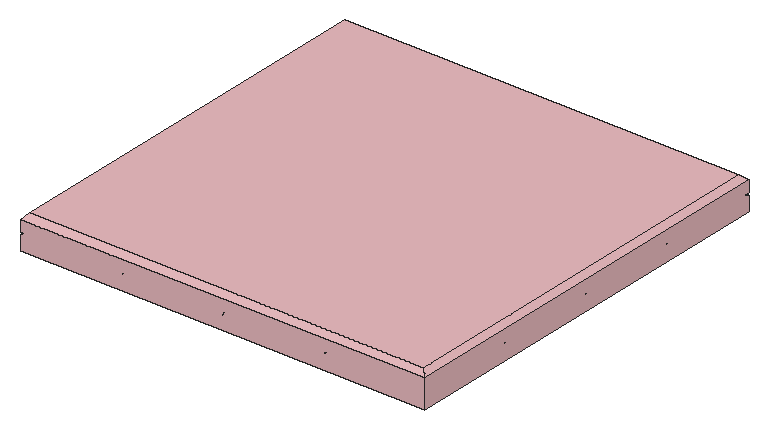
Revit family "UPHILL 2ft x 2ft", category Specialty Equipment, Revit 2023
Family settings
  Round Connector Dimension = Use Diameter
  Part Type = Normal
  OmniClass Number = 23.35.00.00
  OmniClass Title = Covering, Cladding, and Finishes
  Work Plane-Based = Yes
  Enable Cutting in Views = Yes
  Always vertical = No
  Cut with Voids When Loaded = No
  Maintain Annotation Orientation = No
  Shared = No
  Room Calculation Point = No
Parameters (values of type "2 INCH THICK - CUSTOM PAINTED - STANDARD")
  URL = "https://www.acousticalsurfaces.com/envirocoustic-wood-wool/designs/"
  Type Comments = "Acoustic panels for vertical and horizontal surfaces"
  Thickness = 0' - 2"
  Recycled Content Percentage = "0%"
  Model = "Envirocoustic Wood Wool"
  Material = "Envirocoustic Wood Wool"
  Manufacturer = "Acoustical Surfaces, Inc."
  Fire Rating = "ASTM E84 - Class A"
  Finish = Paint - Acoustical-Surfaces - Custom Painted
  Description = "Acoustic Panels"
  Default Elevation = 0' - 0"
  Backer Thickness = 0' - 1"
  Backer = no
  Assembly Code = "C30"
  Acoustics - NRC = "Sound absorption varies from NRC 0.45 to 0.95 based on installation method used when tested per ASTM C423."
Types (27): name | Thickness | Finish | Backer Thickness | Backer
  2 INCH THICK - CUSTOM PAINTED - STANDARD | 0' - 2" | Paint - Acoustical-Surfaces - Custom Painted | 0' - 1" | no
  2 INCH THICK - PRIMED WHITE - STANDARD | 0' - 2" | Paint - Acoustical-Surfaces - Primed White | 0' - 1" | no
  2 INCH THICK - PRIMED CLEAR - STANDARD | 0' - 2" | Paint - Acoustical-Surfaces - Primed Clear | 0' - 1" | no
  2 INCH THICK - PRIMED WHITE - 2 INCH CFAB BACKER | 0' - 2" | Paint - Acoustical-Surfaces - Primed White | 0' - 2" | yes
  2 INCH THICK - PRIMED WHITE - 1 INCH CFAB BACKER | 0' - 2" | Paint - Acoustical-Surfaces - Primed White | 0' - 1" | yes
  2 INCH THICK - PRIMED CLEAR - 2 INCH CFAB BACKER | 0' - 2" | Paint - Acoustical-Surfaces - Primed Clear | 0' - 2" | yes
  2 INCH THICK - PRIMED CLEAR - 1 INCH CFAB BACKER | 0' - 2" | Paint - Acoustical-Surfaces - Primed Clear | 0' - 1" | yes
  2 INCH THICK - CUSTOM PAINTED - 2 INCH CFAB BACKER | 0' - 2" | Paint - Acoustical-Surfaces - Custom Painted | 0' - 2" | yes
  2 INCH THICK - CUSTOM PAINTED - 1 INCH CFAB BACKER | 0' - 2" | Paint - Acoustical-Surfaces - Custom Painted | 0' - 1" | yes
  1-3/8 INCH THICK - CUSTOM PAINTED - STANDARD | 0' - 1 3/8" | Paint - Acoustical-Surfaces - Custom Painted | 0' - 1" | no
  1-3/8 INCH THICK - PRIMED WHITE - STANDARD | 0' - 1 3/8" | Paint - Acoustical-Surfaces - Primed White | 0' - 1" | no
  1-3/8 INCH THICK - PRIMED CLEAR - STANDARD | 0' - 1 3/8" | Paint - Acoustical-Surfaces - Primed Clear | 0' - 1" | no
  1-3/8 INCH THICK - PRIMED WHITE - 2 INCH CFAB BACKER | 0' - 1 3/8" | Paint - Acoustical-Surfaces - Primed White | 0' - 2" | yes
  1-3/8 INCH THICK - PRIMED WHITE - 1 INCH CFAB BACKER | 0' - 1 3/8" | Paint - Acoustical-Surfaces - Primed White | 0' - 1" | yes
  1-3/8 INCH THICK - PRIMED CLEAR - 2 INCH CFAB BACKER | 0' - 1 3/8" | Paint - Acoustical-Surfaces - Primed Clear | 0' - 2" | yes
  1-3/8 INCH THICK - PRIMED CLEAR - 1 INCH CFAB BACKER | 0' - 1 3/8" | Paint - Acoustical-Surfaces - Primed Clear | 0' - 1" | yes
  1-3/8 INCH THICK - CUSTOM PAINTED - 2 INCH CFAB BACKER | 0' - 1 3/8" | Paint - Acoustical-Surfaces - Custom Painted | 0' - 2" | yes
  1-3/8 INCH THICK - CUSTOM PAINTED - 1 INCH CFAB BACKER | 0' - 1 3/8" | Paint - Acoustical-Surfaces - Custom Painted | 0' - 1" | yes
  1 INCH THICK - CUSTOM PAINTED - STANDARD | 0' - 1" | Paint - Acoustical-Surfaces - Custom Painted | 0' - 1" | no
  1 INCH THICK - PRIMED WHITE - STANDARD | 0' - 1" | Paint - Acoustical-Surfaces - Primed White | 0' - 1" | no
  1 INCH THICK - PRIMED CLEAR - STANDARD | 0' - 1" | Paint - Acoustical-Surfaces - Primed Clear | 0' - 1" | no
  1 INCH THICK - PRIMED WHITE - 2 INCH CFAB BACKER | 0' - 1" | Paint - Acoustical-Surfaces - Primed White | 0' - 2" | yes
  1 INCH THICK - PRIMED WHITE - 1 INCH CFAB BACKER | 0' - 1" | Paint - Acoustical-Surfaces - Primed White | 0' - 1" | yes
  1 INCH THICK - PRIMED CLEAR - 2 INCH CFAB BACKER | 0' - 1" | Paint - Acoustical-Surfaces - Primed Clear | 0' - 2" | yes
  1 INCH THICK - PRIMED CLEAR - 1 INCH CFAB BACKER | 0' - 1" | Paint - Acoustical-Surfaces - Primed Clear | 0' - 1" | yes
  1 INCH THICK - CUSTOM PAINTED - 2 INCH CFAB BACKER | 0' - 1" | Paint - Acoustical-Surfaces - Custom Painted | 0' - 2" | yes
  1 INCH THICK - CUSTOM PAINTED - 1 INCH CFAB BACKER | 0' - 1" | Paint - Acoustical-Surfaces - Custom Painted | 0' - 1" | yes
Reference planes (in)
  plane 1 "Center (Front/Back)": y = 0
  plane 2: z = 0
  plane 3 "Center (Left/Right)": x = 0
  plane 4: x = -12
  plane 5: x = 12
  plane 6: y = 12
  plane 7: y = -12
  plane 8: z = 2
  plane 9: z = -1
Forms (in)
  Extrusion 1, solid, material "Paint - Acoustical-Surfaces - Custom Painted" <- "Finish"
    sketch origin (0, 0, 0) x (1, 0, 0) y (0, 1, 0)
      loop
        line (12, 12) -> (-12, 12) -> (-12, -12) -> (12, -12) -> (12, 12)
    from 0 to 2
  Sweep 2, void
    path in 3D
      loop
        line (12, 12, 2) -> (-12, 12, 2) -> (-12, -12, 2) -> (12, -12, 2) -> (12, 12, 2)
    profile "Triangle : Family2" origin (12, 0, 2) x (-1, 0, 0) y (0, 0, 1)
      loop
        line (0, 0) -> (0, -0.315) -> (0.315, 0) -> (0, 0)
  Extrusion 3, solid, visible <- "Backer"
    sketch origin (0, 0, 0) x (1, 0, 0) y (0, 1, 0)
      loop
        line (12, 12) -> (-12, 12) -> (-12, -12) -> (12, -12) -> (12, 12)
    from 0 to -1
  Sweep 4, void
    path origin (0, -36, 1) x (-1, 0, 0) y (0, -1, 0)
      loop
        line (-12, -48) -> (12, -24)
    profile "Groove : Family2" origin (0, 0, 1) x (0.707107, -0.707107, 0) y (0, 0, 1)
      loop
        line (0.1575, 0) -> (-0.1575, 0) -> (0, -0.1575) -> (0.1575, 0)
  Sweep 5, void
    path origin (0, -24, 1) x (-1, 0, 0) y (0, -1, 0)
      loop
        line (-12, -30) -> (6, -12)
    profile "Groove : Family2" origin (3, -3, 1) x (0.707107, -0.707107, 0) y (0, 0, 1)
      loop
        line (0.1575, 0) -> (-0.1575, 0) -> (0, -0.1575) -> (0.1575, 0)
  Sweep 6, void
    path origin (0, -24, 1) x (-1, 0, 0) y (0, -1, 0)
      loop
        line (-12, -24) -> (0, -12)
    profile "Groove : Family2" origin (6, -6, 1) x (0.707107, -0.707107, 0) y (0, 0, 1)
      loop
        line (0.1575, 0) -> (-0.1575, 0) -> (0, -0.1575) -> (0.1575, 0)
  Sweep 7, void
    path origin (0, -24, 1) x (-1, 0, 0) y (0, -1, 0)
      loop
        line (-12, -18) -> (-6, -12)
    profile "Groove : Family2" origin (9, -9, 1) x (0.707107, -0.707107, 0) y (0, 0, 1)
      loop
        line (0.1575, 0) -> (-0.1575, 0) -> (0, -0.1575) -> (0.1575, 0)
  Sweep 8, void
    path origin (-24, 0, 1) x (0, -1, 0) y (1, 0, 0)
      loop
        line (-12, 30) -> (6, 12)
    profile "Groove : Family2" origin (-3, 3, 1) x (0.707107, -0.707107, 0) y (0, 0, 1)
      loop
        line (-0.1575, 0) -> (0, -0.1575) -> (0.1575, 0) -> (-0.1575, 0)
  Sweep 9, void
    path origin (-24, 0, 1) x (0, -1, 0) y (1, 0, 0)
      loop
        line (-12, 24) -> (0, 12)
    profile "Groove : Family2" origin (-6, 6, 1) x (0.707107, -0.707107, 0) y (0, 0, 1)
      loop
        line (-0.1575, 0) -> (0, -0.1575) -> (0.1575, 0) -> (-0.1575, 0)
  Sweep 10, void
    path origin (-24, 0, 1) x (0, -1, 0) y (1, 0, 0)
      loop
        line (-12, 18) -> (-6, 12)
    profile "Groove : Family2" origin (-9, 9, 1) x (0.707107, -0.707107, 0) y (0, 0, 1)
      loop
        line (-0.1575, 0) -> (0, -0.1575) -> (0.1575, 0) -> (-0.1575, 0)
Cuts and joins
  Sweep 2, Sweep 4, Sweep 5, Sweep 6, Sweep 7, Sweep 8, Sweep 9, Sweep 10 cuts Extrusion 1
Lines and regions (in)
  sketch lines
    curve 1: line (12, -12, 2) -> (12, 12, 2)
    curve 2: line (-12, -12, 2) -> (12, -12, 2)
    curve 3: line (-12, 12, 2) -> (-12, -12, 2)
    curve 4: line (12, 12, 2) -> (-12, 12, 2)
Dimensions and locks (in)
  equal spacing: plane 4, plane 3 "Center (Left/Right)", plane 5
  equal spacing: plane 7, plane 1 "Center (Front/Back)", plane 6
  plane 7 to plane 6 = 2' - 0"
  locked: plane 4 to plane 5 at 24
  "Thickness": plane 8 to level
  "Backer Thickness": level to plane 9
  aligned and locked: level to plane 2
  aligned and locked: Extrusion 1 sketch curve to plane 4
  aligned and locked: plane 5 to Extrusion 1 sketch curve
  aligned and locked: Extrusion 1 sketch curve to plane 6
  aligned and locked: Extrusion 1 sketch curve to plane 7
  aligned and locked: Extrusion 1 to plane 8
  aligned and locked: Extrusion 3 sketch curve to plane 4
  aligned and locked: plane 5 to Extrusion 3 sketch curve
  aligned and locked: Extrusion 3 sketch curve to plane 6
  aligned and locked: Extrusion 3 sketch curve to plane 7
  aligned and locked: plane 9 to Extrusion 3
Automatic sketch dimensions
  plane 6 to Sweep 4 sketch curve = 0' - 0"
  Sweep 4 sketch curve to plane 7 = 0' - 0"
  plane 5 to Sweep 4 sketch curve = 0' - 0"
  plane 4 to Sweep 4 sketch curve = 0' - 0"
  plane 5 to Sweep 5 sketch curve = 0' - 0"
  plane 6 to Sweep 5 sketch curve = 0' - 6"
  plane 7 to Sweep 5 sketch curve = 0' - 0"
  Sweep 5 sketch curve to plane 3 "Center (Left/Right)" = 0' - 6"
  Sweep 6 sketch curve to plane 1 "Center (Front/Back)" = 0' - 0"
  plane 5 to Sweep 6 sketch curve = 0' - 0"
  plane 3 "Center (Left/Right)" to Sweep 6 sketch curve = 0' - 0"
  plane 7 to Sweep 6 sketch curve = 0' - 0"
  plane 5 to Sweep 7 sketch curve = 0' - 0"
  plane 1 "Center (Front/Back)" to Sweep 7 sketch curve = 0' - 6"
  plane 7 to Sweep 7 sketch curve = 0' - 0"
  Sweep 7 sketch curve to plane 5 = 0' - 6"
  plane 6 to Sweep 8 sketch curve = 0' - 0"
  plane 4 to Sweep 8 sketch curve = 0' - 0"
  plane 1 "Center (Front/Back)" to Sweep 8 sketch curve = 0' - 6"
  Sweep 8 sketch curve to plane 5 = 0' - 6"
  plane 6 to Sweep 9 sketch curve = 0' - 0"
  plane 1 "Center (Front/Back)" to Sweep 9 sketch curve = 0' - 0"
  plane 4 to Sweep 9 sketch curve = 0' - 0"
  plane 3 "Center (Left/Right)" to Sweep 9 sketch curve = 0' - 0"
  plane 6 to Sweep 10 sketch curve = 0' - 0"
  plane 4 to Sweep 10 sketch curve = 0' - 0"
  Sweep 10 sketch curve to plane 1 "Center (Front/Back)" = 0' - 6"
  Sweep 10 sketch curve to plane 3 "Center (Left/Right)" = 0' - 6"
